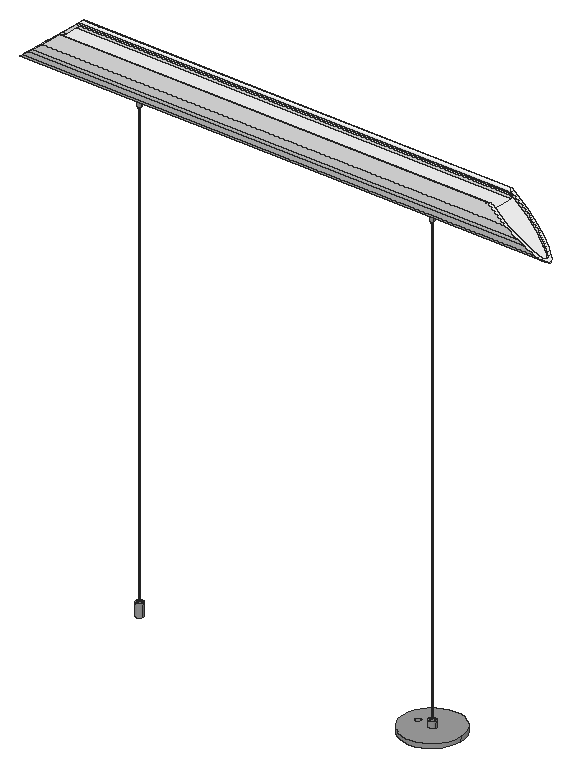
Revit family "CANOE LED PENDANT LIGHT", category Lighting Fixtures, host Face, Revit 2020
Family settings
  Host = Face
  Round Connector Dimension = Use Diameter
  Part Type = Normal
  Cut with Voids When Loaded = No
  Light Source = Yes
  Shared = No
  Room Calculation Point = No
Parameters (values of type "CANO35-40808")
  Wattage Comments = "35 W"  # constant formula
  Wattage = 9.96351 W
  built-in parameter 1150110 = 1 (stored number, unit not read)
  Voltage = "120-347 V"  # constant formula
  URL = "https://www.abovealllighting.com/product/LED-INDOOR-FIXTURE/Pendant/CanoePendantLight.html"
  Type Comments = "CANOE LED PENDANT LIGHT"  # constant formula
  built-in parameter 1114217 = 1 (stored number, unit not read)
  Tilt Angle = -90.00°
  built-in parameter 1150109 = 1 (stored number, unit not read)
  built-in parameter 1150134 = 12
  Suspender Material = Aluminum
  built-in parameter 1150113 = 1 (stored number, unit not read)
  Power Factor = 1
  Photometric Web File = "CANO35-40808.IES"
  Order number = "16224"
  Model = "CANO28-40808"
  Manufacturer = "Above All Lighting"  # constant formula
  built-in parameter 1150105 = 117.77 (stored number, unit not read)
  Lumens = 1480 lm
  built-in parameter 1150115 = 1 (stored number, unit not read)
  Load Classification = Lighting
  built-in parameter 1150137 = (empty or 0)
  built-in parameter 1150139 = (empty or 0)
  built-in parameter 1150112 = 1 (stored number, unit not read)
  built-in parameter 1150114 = 1 (stored number, unit not read)
  built-in parameter 1150132 = 2
  built-in parameter 1150102 = (empty or 0)
  built-in parameter 1150107 = 4000 (stored number, unit not read)
  built-in parameter 1150138 = (empty or 0)
  built-in parameter 1150106 = 1.1777 (stored number, unit not read)
  IP Rating = "20"  # constant formula
  Fixture Length = 4' - 7 31/256"
  Fixture Height = 4' - 0"  # constant formula
  Finish/Color = Aluminum White
  built-in parameter 1150104 = 13.8 (stored number, unit not read)
  Dimming Lamp Color Temperature Shift = <None>
  Dimming / Control = "1-10 V"  # constant formula
  Description = "The Canoe pendant body is constructed of high quality, die-cast aluminum alloy, and features a recessed honeycomb lens"  # constant formula
  Default Elevation = 0' - 0"
  Color Filter = 16777215
  CRI = ">80"  # constant formula
  built-in parameter 1114218 = 1 (stored number, unit not read)
  Average life based on 77F(HRS) = "50000"  # constant formula
  built-in parameter 1150133 = 10 (stored number, unit not read)
  Apparent Load = 0 VA
Types (5): name | Photometric Web File | Order number | Model | Finish/Color
  (no name) | "CANO35-40808.IES" | "16224" | "CANO28-40808" | Aluminum White
  CANO35-40808 | "CANO35-40808.IES" | "16224" | "CANO28-40808" | Aluminum White
  CANO28-40808-OR | "CANO28-40808.IES" | "16227" | "CANO28-40808-OR" | Orange
  CANO28-40808-BU | "CANO28-40808.IES" | "16226" | "CANO28-40808-BU" | ALUMINUM _BLUE
  CANO28-40808-GY | "CANO28-40808.IES" | "16225" | "CANO28-40808-GY" | Grey
Reference planes (in)
  plane 1 "Center (Front/Back)": y = 0
  plane 2: z = 0
  plane 3 "Center (Left/Right)": x = 0
  plane 4: z = 48
  plane 5: z = 52.45
  plane 6: x = -27.56055
  plane 7: x = 27.56055
  plane 8: x = -15.26382
  plane 9: x = 15.26382
Forms (in)
  Revolve 1, solid, material "Aluminum" <- "Suspender Material"
    sketch origin (0, 0, 0) x (1, 0, 0) y (0, 0, 1)
      loop
        line (-15.63882, 0) -> (-15.26382, 0) -> (-15.26382, 48) -> (-15.45855, 48) -> (-15.45855, 47.63501) -> (-15.37896, 47.63501) -> (-15.37896, 47.51504) -> (-15.33265, 47.51504) -> (-15.33265, 1.40998) -> (-15.45855, 1.40998) -> (-15.45855, 1.30383) -> (-15.63882, 1.27204) -> (-15.63882, 0)
      axis (-15.26382, 48) -> (-15.26382, 0)
    angle from 0 to 360
  Revolve 2, solid, material "Aluminum" <- "Suspender Material"
    sketch origin (0, 0, 0) x (-1, 0, 0) y (0, 0, 1)
      loop
        line (-15.63882, 0) -> (-15.26382, 0) -> (-15.26382, 48) -> (-15.45855, 48) -> (-15.45855, 47.63501) -> (-15.37896, 47.63501) -> (-15.37896, 47.51504) -> (-15.33265, 47.51504) -> (-15.33265, 1.09748) -> (-15.45855, 1.09748) -> (-15.45855, 0.99133) -> (-15.63882, 0.95954) -> (-15.63882, 0)
      axis (-15.26382, 48) -> (-15.26382, 0)
    angle from 0 to 360
  Extrusion 3, solid, material "Aluminum" <- "Suspender Material"
    sketch origin (30.4375, 0, 0) x (1, 0, 0) y (0, 1, 0)
      loop
        circle (-16.64933, 0) r 0.29697
      loop
        circle (-15.17368, 0) r 3
    from 0 to 0.41841
Dimensions and locks (in)
  "Fixture Height": plane 4 to plane 2
  locked: plane 5 to plane 4 at 4.45
  equal spacing: plane 6, plane 3 "Center (Left/Right)", plane 7
  "Fixture Length": plane 6 to plane 7
  locked: Revolve 1 sketch curve to Revolve 1 sketch curve at 0.375
  locked: Revolve 1 sketch curve to Revolve 1 sketch curve at 0.06882
  locked: Revolve 1 sketch curve to Revolve 1 sketch curve at 0.19473
  locked: Revolve 2 sketch curve to Revolve 2 sketch curve at 0.375
  locked: Revolve 2 sketch curve to Revolve 2 sketch curve at 0.06882
  locked: Revolve 2 sketch curve to Revolve 2 sketch curve at 0.19473
  locked: Extrusion 3 to Extrusion 3 at 0.41841
  aligned and locked: plane 2 to host face
  aligned and locked: level to host face
  aligned and locked: plane 4 to nested 1
  aligned and locked: Revolve 1 sketch curve to plane 8  (x2)
  aligned and locked: plane 9 to Revolve 2 sketch curve
  aligned and locked: plane 4 to Revolve 2
  aligned and locked: Revolve 1 to plane 4
  aligned and locked: plane 2 to Revolve 2 sketch curve
  aligned and locked: plane 2 to Revolve 2
  aligned and locked: Revolve 1 sketch curve to plane 2
  aligned and locked: Revolve 1 to plane 2
  aligned and locked: Extrusion 3 to level
  aligned and locked: plane 5 to imposter light
  aligned and locked: plane 3 "Center (Left/Right)" to imposter light
Automatic sketch dimensions
  host sketch curve to host sketch curve = 8' - 0"  (x2)
  plane 9 to Revolve 2 sketch curve = 0' - 0"
  Revolve 2 sketch curve to plane 4 = 0' - 0"
  Revolve 2 sketch curve to Revolve 2 sketch curve = 0' - 0.1259"
  Revolve 2 sketch curve to Revolve 2 sketch curve = 0' - 0.07959"
  Revolve 2 sketch curve to level = 0' - 0.95954"
  Revolve 2 sketch curve to Revolve 2 sketch curve = 0' - 0.03179"
  Revolve 2 sketch curve to Revolve 2 sketch curve = 0' - 0.10615"
  plane 4 to Revolve 2 sketch curve = 0' - 0.48496"
  Revolve 2 sketch curve to Revolve 2 sketch curve = 0' - 0.11997"
  Revolve 2 sketch curve to Revolve 2 sketch curve = 1' - 2.22485"
  Revolve 2 sketch curve to Revolve 2 sketch curve = 0' - 5.47485"
  Revolve 1 sketch curve to plane 4 = 0' - 0"
  Revolve 1 sketch curve to Revolve 1 sketch curve = 0' - 0.1259"
  Revolve 1 sketch curve to Revolve 1 sketch curve = 0' - 0.07959"
  Revolve 1 sketch curve to Revolve 1 sketch curve = 0' - 1.27204"
  Revolve 1 sketch curve to Revolve 1 sketch curve = 0' - 0.03179"
  Revolve 1 sketch curve to Revolve 1 sketch curve = 0' - 0.10615"
  Revolve 1 sketch curve to plane 4 = 0' - 0.48496"
  Revolve 1 sketch curve to Revolve 1 sketch curve = 0' - 0.11997"
  Revolve 1 sketch curve to Revolve 1 sketch curve = 1' - 2.22485"
  Revolve 1 sketch curve to Revolve 1 sketch curve = 0' - 5.47485"
  plane 1 "Center (Front/Back)" to Extrusion 3 sketch curve = 0' - 0"  (x2)
  Extrusion 3 sketch curve to plane 9 = 0' - 0"
  plane 9 to Extrusion 3 sketch curve = 0' - 1.47565"
  radius of Extrusion 3 sketch curve = 0' - 0.29697"
  radius of Extrusion 3 sketch curve = 0' - 3"
Nested families (in)
  nested 1: "Family3" at (0, 0, 43.55) x (-1, 0, 0) z (0, 0, 1), Fixture Length <- "Fixture Length", Finish/Color <- "Finish/Color", type "Family3"
    with Fixture Length 4' - 7 31/256", Finish/Color Aluminum White
Connectors (in)
  electrical at (0, 0, 0), driven by "Load Classification", driven by "Apparent Load", driven by "Power Factor"
    settings: on host face, index 1, voltage 0 V, apparent load 0 VA, apparent load phase1 0 VA, apparent load phase2 0 VA, apparent load phase3 0 VA, power factor 1, load classification "Lighting", number of poles 1, system type 30, power factor state 1, is connector primary yes, connector utility no, sub classification motor no, connector description ""
Definition of nested family "Family3"
  Parameters (values of type "Family3")
    Fixture Length [instance] = 4' - 7.12"
    Finish/Color [instance] = none
    Default Elevation = 0' - 0"
  Reference planes (in)
    plane 1 "Center (Front/Back)": y = 0
    plane 2: z = 0
    plane 3 "Center (Left/Right)": x = 0
    plane 4: x = -27.56
    plane 5: x = 27.56
    plane 6: x = -22.31
    plane 7: x = 22.31
    plane 8: z = 4.45
    plane 9: z = 8.9
    plane 10: through (-20.95057, -180, 11.95326) normal (0.6435, 0, -0.7655)
    plane 11: through (20.95057, -180, 11.95326) normal (0.6435, 0, 0.7655)
  Forms (in)
    Sweep 1, solid, material <- "Finish/Color"
      path origin (0, 0, 8.9) x (0, -1, 0) y (1, 0, 0)
        loop
          line (0, -27.56) -> (0, 27.56)
      profile origin (0, 0, 8.9) x (0, 1, 0) y (0, 0, 1)
        loop
          arc (1.52484, 0) -> (1.36218, -0.06738) -> (1.2948, -0.23004) r 0.23004
          line (1.2948, -0.23004) -> (1.2948, -0.33886) -> (1.11868, -0.33886) -> (1.11868, -0.66225) -> (0, -0.66225) -> (-1.11868, -0.66225) -> (-1.11868, -0.33886) -> (-1.2948, -0.33886) -> (-1.2948, -0.23047)
          arc (-1.2948, -0.23047) -> (-1.3623, -0.0675) -> (-1.52527, 0) r 0.23047
          line (-1.52527, 0) -> (-1.5748, 0) -> (-1.5748, -1.5) -> (-1.37918, -2.50642)
          arc (-1.37918, -2.50642) -> (-1.32322, -2.72279) -> (-1.24131, -2.93072) r 1.83039
          line (-1.24131, -2.93072) -> (-1.01933, -3.40676) -> (-0.88592, -3.69287)
          arc (-0.88592, -3.69287) -> (-0.65255, -4.04213) -> (-0.32496, -4.30505) r 1.38063
          line (-0.32496, -4.30505) -> (-0.13788, -4.41306)
          arc (-0.13788, -4.41306) -> (-0.07137, -4.4406) -> (0, -4.45) r 0.27576
          arc (0, -4.45) -> (0.07137, -4.4406) -> (0.13788, -4.41306) r 0.27576
          line (0.13788, -4.41306) -> (0.32496, -4.30505)
          arc (0.32496, -4.30505) -> (0.65255, -4.04213) -> (0.88592, -3.69287) r 1.38063
          line (0.88592, -3.69287) -> (1.01933, -3.40676) -> (1.24131, -2.93072)
          arc (1.24131, -2.93072) -> (1.32322, -2.72279) -> (1.37918, -2.50642) r 1.83039
          line (1.37918, -2.50642) -> (1.5748, -1.5) -> (1.5748, 0) -> (1.52484, 0)
    Extrusion 2, void
      sketch origin (0, 0, 8.9) x (1, 0, 0) y (0, 0, 1)
        loop
          line (-27.56, -4.41306) -> (-21.9531, 0.3) -> (-27.56, 0.3) -> (-27.56, -4.41306)
        loop
          line (27.56, -4.41306) -> (27.56, 0) -> (22.31, 0) -> (27.56, -4.41306)
      from -1.5748 to 1.5748
    Extrusion 3, void
      sketch origin (-27.5, 0, 4.48694) x (-0.765485, 0, -0.643453) y (0, 1, 0)
        loop
          line (-6.44281, 1.2948) -> (-6.44281, -1.29254) -> (-6.25181, -1.29254) -> (-4.39064, -1.29254) -> (-3.51155, -1.16899) -> (-2.63618, -1.04597) -> (-2.39587, -0.97706) -> (-1.43461, -0.70142) -> (-0.72984, -0.4449) -> (-0.32026, -0.15812) -> (-0.32026, 0.09188) -> (-0.49704, 0.26866) -> (-0.93005, 0.51866) -> (-1.86974, 0.86068) -> (-4.33176, 1.2948) -> (-6.44281, 1.2948)
      from 0.21506 to -1.5011
    Extrusion 4, void
      sketch origin (27.5, 0, 4.48694) x (0.765485, 0, -0.643453) y (0, -1, 0)
        loop
          line (-6.44281, -1.2948) -> (-4.33176, -1.2948) -> (-1.86974, -0.86068) -> (-0.93005, -0.51866) -> (-0.49704, -0.26866) -> (-0.32026, -0.09188) -> (-0.32026, 0.15812) -> (-0.72984, 0.4449) -> (-1.43461, 0.70142) -> (-2.39587, 0.97706) -> (-2.63618, 1.04597) -> (-3.51155, 1.16899) -> (-4.39064, 1.29254) -> (-6.25181, 1.29254) -> (-6.44281, 1.29254) -> (-6.44281, -1.2948)
      from 0.21506 to -1.5011
  Cuts and joins
    Extrusion 2, Extrusion 3, Extrusion 4 cuts Sweep 1
  Dimensions and locks (in)
    equal spacing: plane 4, plane 3 "Center (Left/Right)", plane 5
    "Fixture Length": plane 4 to plane 5
    plane 8 to plane 2 = 0' - 4.45"
    locked: plane 4 to plane 6 at 5.25
    locked: plane 7 to plane 5 at 5.25
    cut or joined group of Sweep 1, Extrusion 2, Extrusion 3, Extrusion 4 to cut or joined group of Sweep 1, Extrusion 2, Extrusion 3, Extrusion 4 = 0' - 1.4625"  (x2)
    aligned and locked: plane 2 to level
    aligned and locked: Extrusion 2 to Sweep 1  (x2)
    aligned and locked: plane 5 to Sweep 1 sketch curve
    aligned and locked: plane 4 to Sweep 1 sketch curve
    aligned and locked: plane 10 to Extrusion 3
    aligned and locked: plane 11 to Extrusion 4
  Automatic sketch dimensions
    plane 1 "Center (Front/Back)" to Sweep 1 sketch curve = 0' - 0"
    Sweep 1 sketch curve to Sweep 1 sketch curve = 0' - 0"  (x4)
    Sweep 1 sketch curve to profile plane = 0' - 0"  (x4)
    profile plane to Sweep 1 sketch curve = 0' - 0.13788"
    Sweep 1 sketch curve to Sweep 1 sketch curve = 0' - 0.18708"  (x2)
    profile plane to Sweep 1 sketch curve = 0' - 0.36536"
    profile plane to Sweep 1 sketch curve = 0' - 0.41759"
    Sweep 1 sketch curve to Sweep 1 sketch curve = 0' - 0.52056"  (x2)
    Sweep 1 sketch curve to Sweep 1 sketch curve = 0' - 0.13341"  (x2)
    profile plane to Sweep 1 sketch curve = 0' - 1.11868"
    Sweep 1 sketch curve to Sweep 1 sketch curve = 0' - 0.22198"  (x2)
    Sweep 1 sketch curve to Sweep 1 sketch curve = 0' - 0.17612"  (x2)
    Sweep 1 sketch curve to Sweep 1 sketch curve = 0' - 0.13786"  (x2)
    Sweep 1 sketch curve to Sweep 1 sketch curve = 0' - 0 59/256"
    Sweep 1 sketch curve to Sweep 1 sketch curve = 0' - 0.04953"
    Sweep 1 sketch curve to profile plane = 0' - 0.13788"
    Sweep 1 sketch curve to profile plane = 0' - 0.36536"
    Sweep 1 sketch curve to profile plane = 0' - 0.41759"
    Sweep 1 sketch curve to profile plane = 0' - 1.11868"
    Sweep 1 sketch curve to Sweep 1 sketch curve = 0' - 0.23004"
    Sweep 1 sketch curve to Sweep 1 sketch curve = 0' - 0.04996"
    Sweep 1 sketch curve to Sweep 1 sketch curve = 0' - 0.10839"
    Sweep 1 sketch curve to Sweep 1 sketch curve = 0' - 0.10882"
    Sweep 1 sketch curve to Sweep 1 sketch curve = 0' - 0.32339"
    Sweep 1 sketch curve to Sweep 1 sketch curve = 0' - 0.83775"  (x2)
    Sweep 1 sketch curve to Sweep 1 sketch curve = 0' - 0.65716"
    Sweep 1 sketch curve to Sweep 1 sketch curve = 0' - 0.34926"  (x2)
    Sweep 1 sketch curve to Sweep 1 sketch curve = 0' - 0.17867"
    Sweep 1 sketch curve to Sweep 1 sketch curve = 0' - 0.47604"  (x2)
    Sweep 1 sketch curve to Sweep 1 sketch curve = 0' - 0.2861"  (x2)
    Sweep 1 sketch curve to Sweep 1 sketch curve = 0' - 0.1308"
    Sweep 1 sketch curve to Sweep 1 sketch curve = 0' - 0.10801"
    Extrusion 2 sketch curve to plane 4 = 0' - 0"
    Extrusion 2 sketch curve to plane 7 = 0' - 0"
    Extrusion 2 sketch curve to plane 5 = 0' - 0"
    Extrusion 2 sketch curve to plane 9 = 0' - 0"
    Extrusion 2 sketch curve to plane 9 = 0' - 0.3"
    Extrusion 3 sketch curve to plane 1 "Center (Front/Back)" = 0' - 1.2948"
    Extrusion 3 sketch curve to Extrusion 3 sketch curve = 0' - 0.191"
    Extrusion 3 sketch curve to Extrusion 3 sketch curve = 0' - 1.86118"
    Extrusion 3 sketch curve to Extrusion 3 sketch curve = 0' - 2.11105"
    plane 1 "Center (Front/Back)" to Extrusion 3 sketch curve = 0' - 1.16899"
    Extrusion 3 sketch curve to Extrusion 3 sketch curve = 0' - 0.87909"
    plane 1 "Center (Front/Back)" to Extrusion 3 sketch curve = 0' - 1.04597"
    Extrusion 3 sketch curve to Extrusion 3 sketch curve = 0' - 0.87536"
    plane 1 "Center (Front/Back)" to Extrusion 3 sketch curve = 0' - 0.97706"
    Extrusion 3 sketch curve to Extrusion 3 sketch curve = 0' - 0.24032"
    Extrusion 3 sketch curve to plane 1 "Center (Front/Back)" = 0' - 0.86068"
    Extrusion 3 sketch curve to Extrusion 3 sketch curve = 0' - 0.52613"
    plane 1 "Center (Front/Back)" to Extrusion 3 sketch curve = 0' - 0.70142"
    Extrusion 3 sketch curve to Extrusion 3 sketch curve = 0' - 0.96126"
    Extrusion 3 sketch curve to plane 1 "Center (Front/Back)" = 0' - 0.51866"
    Extrusion 3 sketch curve to Extrusion 3 sketch curve = 0' - 0.93969"
    plane 1 "Center (Front/Back)" to Extrusion 3 sketch curve = 0' - 0.4449"
    Extrusion 3 sketch curve to Extrusion 3 sketch curve = 0' - 0.70477"
    Extrusion 3 sketch curve to plane 1 "Center (Front/Back)" = 0' - 0.26866"
    Extrusion 3 sketch curve to Extrusion 3 sketch curve = 0' - 0.43301"
    plane 1 "Center (Front/Back)" to Extrusion 3 sketch curve = 0' - 0.15812"
    Extrusion 3 sketch curve to Extrusion 3 sketch curve = 0' - 0.17678"
    plane 1 "Center (Front/Back)" to Extrusion 3 sketch curve = 0' - 1.29254"
    Extrusion 3 sketch curve to plane 1 "Center (Front/Back)" = 0' - 0.09188"
    Extrusion 4 sketch curve to plane 1 "Center (Front/Back)" = 0' - 1.2948"
    Extrusion 4 sketch curve to Extrusion 4 sketch curve = 0' - 0.191"
    Extrusion 4 sketch curve to Extrusion 4 sketch curve = 0' - 1.86118"
    Extrusion 4 sketch curve to Extrusion 4 sketch curve = 0' - 2.11105"
    plane 1 "Center (Front/Back)" to Extrusion 4 sketch curve = 0' - 1.16899"
    Extrusion 4 sketch curve to Extrusion 4 sketch curve = 0' - 0.87909"
    plane 1 "Center (Front/Back)" to Extrusion 4 sketch curve = 0' - 1.04597"
    Extrusion 4 sketch curve to Extrusion 4 sketch curve = 0' - 0.87536"
    plane 1 "Center (Front/Back)" to Extrusion 4 sketch curve = 0' - 0.97706"
    Extrusion 4 sketch curve to Extrusion 4 sketch curve = 0' - 0.24032"
    Extrusion 4 sketch curve to plane 1 "Center (Front/Back)" = 0' - 0.86068"
    Extrusion 4 sketch curve to Extrusion 4 sketch curve = 0' - 0.52613"
    plane 1 "Center (Front/Back)" to Extrusion 4 sketch curve = 0' - 0.70142"
    Extrusion 4 sketch curve to Extrusion 4 sketch curve = 0' - 0.96126"
    Extrusion 4 sketch curve to plane 1 "Center (Front/Back)" = 0' - 0.51866"
    Extrusion 4 sketch curve to Extrusion 4 sketch curve = 0' - 0.93969"
    plane 1 "Center (Front/Back)" to Extrusion 4 sketch curve = 0' - 0.4449"
    Extrusion 4 sketch curve to Extrusion 4 sketch curve = 0' - 0.70477"
    Extrusion 4 sketch curve to plane 1 "Center (Front/Back)" = 0' - 0.26866"
    Extrusion 4 sketch curve to Extrusion 4 sketch curve = 0' - 0.43301"
    plane 1 "Center (Front/Back)" to Extrusion 4 sketch curve = 0' - 0.15812"
    Extrusion 4 sketch curve to Extrusion 4 sketch curve = 0' - 0.17678"
    Extrusion 4 sketch curve to plane 1 "Center (Front/Back)" = 0' - 0.09188"
    Extrusion 4 sketch curve to Extrusion 4 sketch curve = 0' - 0.12355"
    Extrusion 2 sketch curve to plane 8 = 0' - 0.03694"  (x2)
    plane 6 to Extrusion 2 sketch curve = 0' - 0.3569"
